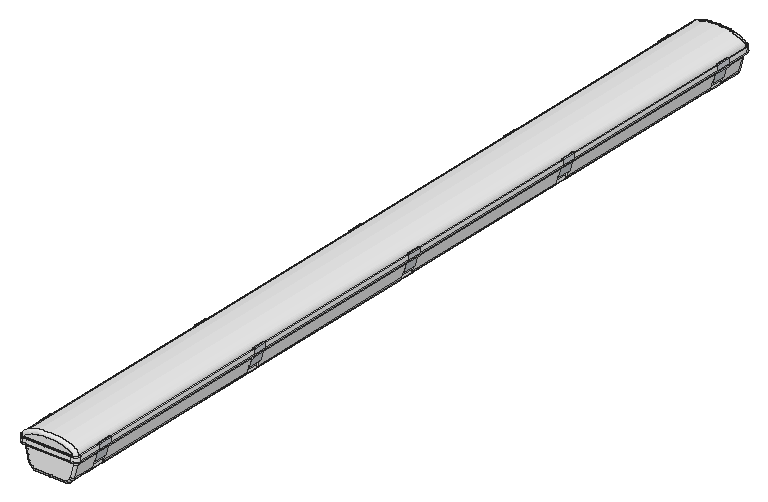
Revit family "0049133_t1500", category Lighting Fixtures, host Face, Revit 2017
Family settings
  Host = Face
  Round Connector Dimension = Use Diameter
  Part Type = Normal
  OmniClass Number = 23.80.70.11.14
  OmniClass Title = General Luminaries, Directional
  Cut with Voids When Loaded = Yes
  Light Source = Yes
  Shared = No
  Room Calculation Point = No
Parameters (values of type "0049133 ST WTRPRF T 1500 IP65 7100LM 840 SSH")
  Width = 110 mm
  Weight = "2.52 kg"
  Wattage Comments = "n/a"
  Wattage = 60 W
  WarrantyStartDate [instance] = "n/a"
  WarrantyGuarantorParts = "n/a"
  WarrantyDurationUnit = "n/a"
  WarrantyDurationParts = "n/a"
  WarrantyDescription = "n/a"
  built-in parameter 1150110 = 1 (stored number, unit not read)
  Voltage = 0 V
  URL = "http://www.sylvania-lighting.com"
  TypeName = "START Waterproof Twin 1500 IP65 7100lm 840 SSH"
  Type Image = <None>
  Type Comments = "n/a"
  built-in parameter 1114217 = 1 (stored number, unit not read)
  Tilt Angle = -90.00°
  built-in parameter 1150109 = 1 (stored number, unit not read)
  built-in parameter 1150134 = 12
  built-in parameter 1150113 = 1 (stored number, unit not read)
  SerialNumber [instance] = "n/a"
  ReflectorMaterial = none
  PowerFactor = 0
  PowerConsumption = "60 W"
  Photometric Web File = "0049133.ies"
  NominalWidth = 0 mm
  NominalLength = 1578 mm
  NominalHeight = 78 mm
  Name = "START Waterproof Twin 1500 IP65 7100lm 840 SSH"
  ModelReference = "START Waterproof Twin 1500 IP65 7100lm 840 SSH"
  ModelNumber = "0049133"
  Model = "START Waterproof Twin 1500 IP65 7100lm 840 SSH"
  Material = "pc polycarbonate housing, pc polycarbonate diffuser"
  ManufacturerName = "Feilo Sylvania"
  Manufacturer = "Feilo Sylvania"
  LuminousEfficacy = "115 lm/W"
  built-in parameter 1150105 = 549.08 (stored number, unit not read)
  Lumens = 6900 lm
  LuminaireType = ""
  built-in parameter 1150115 = 1 (stored number, unit not read)
  LightOutputRatio = "n/a"
  built-in parameter 1150137 = (empty or 0)
  built-in parameter 1150139 = (empty or 0)
  Length = 1572 mm
  LampsType = Lamp  # "LED"
  LampNominalLuminous = "7050 lm"
  LampMacAdamStep = "n/a"
  LampColourTemperature = "4000 K"
  LampColourRenderingIndex = "80"
  built-in parameter 1150112 = 1 (stored number, unit not read)
  built-in parameter 1150114 = 1 (stored number, unit not read)
  Lamp = "LED"
  Keynote = "16500"
  InstallationDate [instance] = "n/a"
  InputVoltage = "n/a"
  InputNominalFrequency = "n/a"
  built-in parameter 1150132 = (empty or 0)
  built-in parameter 1150102 = (empty or 0)
  built-in parameter 1150107 = 4000 (stored number, unit not read)
  built-in parameter 1150138 = (empty or 0)
  IngressProtection = "IP65"
  ImpactProtectionIndex = "IK08"
  built-in parameter 1150106 = 5.4908 (stored number, unit not read)
  IfcExportType = "IfcLightFixtureType"
  IfcExportAs = "IfcLightFixtureType"
  ExpectedLife = 50000
  Emit from Rectangle Width = Width - 20 mm  # 90 mm
  Emit from Rectangle Length = Length - 20 mm  # 1552 mm
  Emit Shape Visible in Rendering = no
  ElectricShockClassification = "Class I"
  built-in parameter 1150104 = 10.684 (stored number, unit not read)
  DurationUnit = "hours"
  DocumentationLiterature = "http://www.sylvania-lighting.com/product/en-int/products/0049133"
  DimmingControlOptions = "n/a"
  Dimming Lamp Color Temperature Shift = <None>
  DiffuserMaterial = Diffuser-Sylvania-Transparent
  Description = "Start Waterproof, integrated LED weatherproof luminaire, with UV stabilized flat diffuser and linear prisms designed to achieve uniform lit appearance, optimise light output and to reduce glare, stainless steel diffuser clips and fixing brackets for surface mounting. Polycarbonate housing, Polycarbonate diffuser, 7050 lm, 60 W, 115 lm/W, 4000 K, drive current 700 mA, SSH,  CRI80, IP65, IK08, Class I,  nominal average life (h): 50,000 hrs, 1578 mm x 110 mm x 78 mm, energy class: A++ A+ A, D-mark"
  Default Elevation = 1219.2 mm
  CreatedOn = "7/11/2019"
  CreatedBy = "@sylvania-lighting.com"
  Cost = 0
  Color Filter = 16777215
  built-in parameter 1114216 [instance] = (empty or 0)
  ClassificationValue = "EF_70_80"
  ClassificationName = "Uniclass2015"
  BodyMaterial = Body-Sylvania-Gray
  BarCode [instance] = "n/a"
  built-in parameter 1114218 = 1 (stored number, unit not read)
  built-in parameter 1150133 = 10 (stored number, unit not read)
  AssetType = "Fixed"
  AssetIdentifier [instance] = "n/a"
  Assembly Code = "D5020200"
  Apparent Load = 60 VA
  AccessoryMaterial = Diffuser-Sylvania-Glow
Reference planes
  plane 1 "Center (Front/Back)": y = 0
  plane 2: z = 0
  plane 3 "Center (Left/Right)": x = 0
  plane 4: z = 54
  plane 5: x = -27.7
  plane 6: x = -34.8
  plane 7: x = -39.6
  plane 8: x = -42.2
  plane 9: z = 3
  plane 10: z = 7.8
  plane 11: z = 12.3
  plane 12: z = 36.6
  plane 13: z = 42.8
  plane 14: x = -51.1
  plane 15: z = 46.2
  plane 16: x = -55
  plane 17: y = 786
  plane 18: y = -786
  plane 19: x = 27.7
  plane 20: x = 34.8
  plane 21: x = 39.6
  plane 22: x = 42.2
  plane 23: x = 51.1
  plane 24: x = 55
  plane 25: y = 778.4
  plane 26: y = -778.4
  plane 27: y = -774.7
  plane 28: y = 774.7
  plane 29: z = 74
  plane 30: x = -51.5
  plane 31: x = 51.5
  plane 32: z = 55.2
  plane 33: y = -782.5
  plane 34: y = 782.5
  plane 35: x = -37.5
  plane 36: x = 37.5
  plane 37: x = -48.7
  plane 38: x = 48.7
  plane 39: x = 18
  plane 40: x = -18
  plane 41: z = 50.2
  plane 42: z = 24.6
  plane 43: y = 720
  plane 44: y = 706
  plane 45: y = 734
  plane 46: y = -720
  plane 47: y = 720
  plane 48: y = 706
  plane 49: y = 734
  plane 50: y = -720
  plane 51: y = -734
  plane 52: y = -706
  plane 53: y = 360
  plane 54: y = 346
  plane 55: y = 374
  plane 56: y = 0
  plane 57: y = -14
  plane 58: y = 14
  plane 59: y = -360
  plane 60: y = -374
  plane 61: y = -346
Forms (mm)
  Sweep 1, solid, material "Body-Sylvania-Gray" <- "BodyMaterial", detail levels medium+fine
    path origin (1223.4, -4572, 54) x (0, -1, 0) y (1, 0, 0)
      loop
        arc (-3796, -1278.4) -> (-3788.929, -1275.471) -> (-3786, -1268.4) r 10
        line (-3786, -1268.4) -> (-3786, -1178.4)
        arc (-3786, -1178.4) -> (-3788.929, -1171.329) -> (-3796, -1168.4) r 10
        line (-3796, -1168.4) -> (-5348, -1168.4)
        arc (-5348, -1168.4) -> (-5355.071, -1171.329) -> (-5358, -1178.4) r 10
        line (-5358, -1178.4) -> (-5358, -1268.4)
        arc (-5358, -1268.4) -> (-5355.071, -1275.471) -> (-5348, -1278.4) r 10
        line (-5348, -1278.4) -> (-3796, -1278.4)
    profile origin (-55, 0, 54) x (-1, 0, 0) y (0, 0, 1)
      loop
        line (0, 0) -> (-1, 0) -> (-1, -7.726)
        arc (-1, -7.726) -> (-1.994, -9.498) -> (-3.9, -10.2) r 2.937
        line (-3.9, -10.2) -> (-8.571, -10.2) -> (-8.571, -11.2) -> (-3.9, -11.2)
        arc (-3.9, -11.2) -> (-1.313, -10.231) -> (0, -7.8) r 3.937
        line (0, -7.8) -> (0, 0)
  Sweep 2, solid, material "Body-Sylvania-Gray" <- "BodyMaterial", detail levels medium+fine
    path origin (0, 0, 0) x (1, 0, 0) y (0, 0, 1)
      loop
        line (48.7, 42.8) -> (48.7, 36.6) -> (42.203, 12.31)
        arc (42.203, 12.31) -> (41.199, 9.884) -> (39.6, 7.8) r 10.052
        line (39.6, 7.8) -> (34.8, 3)
        arc (34.8, 3) -> (31.554, 0.781) -> (27.7, 0) r 9.902
        line (27.7, 0) -> (0, 0) -> (-27.7, 0)
        arc (-27.7, 0) -> (-31.554, 0.781) -> (-34.8, 3) r 9.902
        line (-34.8, 3) -> (-39.6, 7.8)
        arc (-39.6, 7.8) -> (-41.199, 9.884) -> (-42.203, 12.31) r 10.052
        line (-42.203, 12.31) -> (-48.7, 36.6) -> (-48.7, 42.8)
    profile origin (0, 0, 0) x (0, 0, -1) y (0, -1, 0)
      loop
        arc (0, 773.4) -> (-1.464, 776.936) -> (-5, 778.4) r 5
        line (-5, 778.4) -> (-7.8, 778.4) -> (-7.8, -778.4) -> (-5, -778.4)
        arc (-5, -778.4) -> (-1.464, -776.936) -> (0, -773.4) r 5
        line (0, -773.4) -> (0, 773.4)
  Extrusion 3, solid, material "Body-Sylvania-Gray" <- "BodyMaterial", detail levels medium+fine
    sketch origin (1524, 778.4, 1219.2) x (1, 0, 0) y (0, 0, 1)
      loop
        arc (-1558.668, -1204.874) -> (-1558.443, -1205.418) -> (-1558.085, -1205.885) r 2.252
        line (-1558.085, -1205.885) -> (-1553.231, -1210.738)
        arc (-1553.231, -1210.738) -> (-1552.534, -1211.227) -> (-1551.7, -1211.4) r 2.102
        line (-1551.7, -1211.4) -> (-1496.3, -1211.4)
        arc (-1496.3, -1211.4) -> (-1495.466, -1211.227) -> (-1494.769, -1210.738) r 2.102
        line (-1494.769, -1210.738) -> (-1489.915, -1205.885)
        arc (-1489.915, -1205.885) -> (-1489.557, -1205.418) -> (-1489.332, -1204.874) r 2.252
        line (-1489.332, -1204.874) -> (-1483.1, -1181.575) -> (-1483.1, -1176.4) -> (-1564.9, -1176.4) -> (-1564.9, -1181.575) -> (-1558.668, -1204.874)
    from 0 to 1556.8
  Sweep 4, solid, material "Diffuser-Sylvania-Transparent" <- "DiffuserMaterial", detail levels medium+fine
    path origin (0, 0, 0) x (1, 0, 0) y (0, 0, 1)
      loop
        spline (-51.5, 55.2) -> (-49.745, 60.066) -> (-44.6, 64.6) -> (-36.416, 68.494) -> (-25.75, 71.481) -> (-13.329, 73.359) -> (0, 74) -> (13.329, 73.359) -> (25.75, 71.481) -> (36.416, 68.494) -> (44.6, 64.6) -> (49.745, 60.066) -> (51.5, 55.2)
    profile origin (51.5, 0, 55.2) x (0, -1, 0) y (1, 0, 0)
      loop
        arc (782.5, -5.5) -> (780.889, -1.611) -> (777, 0) r 5.5
        line (777, 0) -> (-777, 0)
        arc (-777, 0) -> (-780.889, -1.611) -> (-782.5, -5.5) r 5.5
        line (-782.5, -5.5) -> (-782.5, -6.3) -> (-781.5, -6.3) -> (-781.5, -5.5)
        arc (-781.5, -5.5) -> (-780.182, -2.318) -> (-777, -1) r 4.5
        line (-777, -1) -> (777, -1)
        arc (777, -1) -> (780.182, -2.318) -> (781.5, -5.5) r 4.5
        line (781.5, -5.5) -> (781.5, -6.347) -> (782.5, -6.347) -> (782.5, -5.5)
  Extrusion 5, solid, material "Diffuser-Sylvania-Transparent" <- "DiffuserMaterial", detail levels medium+fine
    sketch origin (1524, -782.5, 1219.2) x (1, 0, 0) y (0, 0, 1)
      loop
        line (-1569.653, -1164) -> (-1478.347, -1164)
        spline (-1478.347, -1164) -> (-1478.969, -1162.594) -> (-1482.527, -1159.545) -> (-1489.588, -1156.201) -> (-1499.458, -1153.445) -> (-1511.242, -1151.663) -> (-1524, -1151.049) -> (-1536.758, -1151.663) -> (-1548.542, -1153.445) -> (-1558.412, -1156.201) -> (-1565.473, -1159.545) -> (-1569.031, -1162.594) -> (-1569.653, -1164)
    from 0 to -1
  Extrusion 6, solid, material "Diffuser-Sylvania-Transparent" <- "DiffuserMaterial", detail levels medium+fine
    sketch origin (1524, 782.5, 1219.2) x (1, 0, 0) y (0, 0, 1)
      loop
        spline (-1478.3, -1164) -> (-1478.931, -1162.565) -> (-1482.502, -1159.505) -> (-1489.572, -1156.155) -> (-1499.446, -1153.394) -> (-1511.236, -1151.614) -> (-1524, -1151.007) -> (-1536.764, -1151.614) -> (-1548.554, -1153.394) -> (-1558.428, -1156.155) -> (-1565.498, -1159.505) -> (-1569.069, -1162.565) -> (-1569.7, -1164)
        line (-1569.7, -1164) -> (-1478.3, -1164)
    from 0 to 1
  Extrusion 7, solid, material "Diffuser-Sylvania-Transparent" <- "DiffuserMaterial", detail levels medium+fine
    sketch origin (1223.4, -4572, 55.2) x (0, -1, 0) y (-1, 0, 0)
      loop
        arc (-5353.5, 1177.4) -> (-5352.182, 1174.218) -> (-5349, 1172.9) r 4.5
        line (-5349, 1172.9) -> (-3795, 1172.9)
        arc (-3795, 1172.9) -> (-3791.818, 1174.218) -> (-3790.5, 1177.4) r 4.5
        line (-3790.5, 1177.4) -> (-3790.5, 1269.4)
        arc (-3790.5, 1269.4) -> (-3791.818, 1272.582) -> (-3795, 1273.9) r 4.5
        line (-3795, 1273.9) -> (-5349, 1273.9)
        arc (-5349, 1273.9) -> (-5352.182, 1272.582) -> (-5353.5, 1269.4) r 4.5
        line (-5353.5, 1269.4) -> (-5353.5, 1177.4)
      loop
        line (-5358, 1268.4) -> (-5358, 1178.4)
        arc (-5358, 1178.4) -> (-5355.071, 1171.329) -> (-5348, 1168.4) r 10
        line (-5348, 1168.4) -> (-3796, 1168.4)
        arc (-3796, 1168.4) -> (-3788.929, 1171.329) -> (-3786, 1178.4) r 10
        line (-3786, 1178.4) -> (-3786, 1268.4)
        arc (-3786, 1268.4) -> (-3788.929, 1275.471) -> (-3796, 1278.4) r 10
        line (-3796, 1278.4) -> (-5348, 1278.4)
        arc (-5348, 1278.4) -> (-5355.071, 1275.471) -> (-5358, 1268.4) r 10
    from 0 to 1.2
  Extrusion 8, solid, material "Diffuser-Sylvania-Glow" <- "AccessoryMaterial", detail levels fine
    sketch origin (0, 0, 0) x (1, 0, 0) y (0, 0, 1)
      loop
        circle (-18, 50.2) r 8
      loop
        circle (18, 50.2) r 8
    from -774.7 to 774.7
  Extrusion 9, void
    sketch origin (0, 720, 2343.807) x (0, 0, -1) y (-1, 0, 0)
      loop
        line (2340.807, -37.5) -> (2331.507, -37.5) -> (2319.207, -42.2) -> (2319.207, -48.7) -> (2340.807, -48.7) -> (2340.807, -37.5)
      loop
        line (2340.807, 37.5) -> (2340.807, 48.7) -> (2319.207, 48.7) -> (2319.207, 42.2) -> (2331.507, 37.5) -> (2340.807, 37.5)
    from -14 to 14
  Extrusion 10, solid, material "Body-Sylvania-Gray" <- "BodyMaterial", detail levels coarse
    sketch origin (0, 0, 0) x (1, 0, 0) y (0, 0, 1)
      loop
        line (55, 42.8) -> (55, 55.2) -> (-55, 55.2) -> (-55, 42.791) -> (-42.2, 0) -> (42.2, 0) -> (55, 42.8)
    from -786 to 786
  Extrusion 11, solid, material "Diffuser-Sylvania-Transparent" <- "DiffuserMaterial", detail levels coarse
    sketch origin (0, 0, 0) x (1, 0, 0) y (0, 0, 1)
      loop
        arc (51.5, 55.2) -> (0, 74) -> (-51.5, 55.2) r 79.939
        line (-51.5, 55.2) -> (51.5, 55.2)
    from 778.4 to -778.4
  Extrusion 12, void, not visible
    sketch origin (0, 720, 2343.807) x (0, 0, -1) y (-1, 0, 0)
      loop
        line (2340.807, -37.5) -> (2331.507, -37.5) -> (2319.207, -42.2) -> (2319.207, -48.7) -> (2340.807, -48.7) -> (2340.807, -37.5)
      loop
        line (2340.807, 37.5) -> (2340.807, 48.7) -> (2319.207, 48.7) -> (2319.207, 42.2) -> (2331.507, 37.5) -> (2340.807, 37.5)
    from -14 to 14
  Extrusion 13, void
    sketch origin (0, -720, 2343.807) x (0, 0, -1) y (-1, 0, 0)
      loop
        line (2340.807, -37.5) -> (2331.507, -37.5) -> (2319.207, -42.2) -> (2319.207, -48.7) -> (2340.807, -48.7) -> (2340.807, -37.5)
      loop
        line (2340.807, 37.5) -> (2340.807, 48.7) -> (2319.207, 48.7) -> (2319.207, 42.2) -> (2331.507, 37.5) -> (2340.807, 37.5)
    from -14 to 14
  Extrusion 14, void
    sketch origin (0, 360, 2343.807) x (0, 0, -1) y (-1, 0, 0)
      loop
        line (2340.807, -37.5) -> (2331.507, -37.5) -> (2319.207, -42.2) -> (2319.207, -48.7) -> (2340.807, -48.7) -> (2340.807, -37.5)
      loop
        line (2340.807, 37.5) -> (2340.807, 48.7) -> (2319.207, 48.7) -> (2319.207, 42.2) -> (2331.507, 37.5) -> (2340.807, 37.5)
    from -14 to 14
  Extrusion 15, void
    sketch origin (0, 0, 2343.807) x (0, 0, -1) y (-1, 0, 0)
      loop
        line (2340.807, -37.5) -> (2331.507, -37.5) -> (2319.207, -42.2) -> (2319.207, -48.7) -> (2340.807, -48.7) -> (2340.807, -37.5)
      loop
        line (2340.807, 37.5) -> (2340.807, 48.7) -> (2319.207, 48.7) -> (2319.207, 42.2) -> (2331.507, 37.5) -> (2340.807, 37.5)
    from -14 to 14
  Extrusion 16, void
    sketch origin (0, -360, 2343.807) x (0, 0, -1) y (-1, 0, 0)
      loop
        line (2340.807, -37.5) -> (2331.507, -37.5) -> (2319.207, -42.2) -> (2319.207, -48.7) -> (2340.807, -48.7) -> (2340.807, -37.5)
      loop
        line (2340.807, 37.5) -> (2340.807, 48.7) -> (2319.207, 48.7) -> (2319.207, 42.2) -> (2331.507, 37.5) -> (2340.807, 37.5)
    from -14 to 14
Cuts and joins
  Extrusion 9, Extrusion 13, Extrusion 14, Extrusion 15, Extrusion 16 cuts Sweep 2
  Extrusion 13, Extrusion 14, Extrusion 15, Extrusion 16 cuts Extrusion 3
  joined: Sweep 2, Extrusion 3
  joined: Sweep 4, Extrusion 5, Extrusion 6
Dimensions and locks
  locked: plane 4 to plane 2 at 54
  plane 5 to plane 6 to plane 7 to plane 8 to plane 14 to plane 16 = 7.1 mm locked, 4.8 mm locked, 2.6 mm locked, 8.9 mm, 3.9 mm
  plane 4 to plane 15 to plane 13 to plane 12 to plane 11 to plane 10 to plane 9 = 7.8 mm locked, 3.4 mm, 6.2 mm locked, 24.3 mm locked, 4.5 mm locked, 4.8 mm locked
  equal spacing: plane 18, plane 1 "Center (Front/Back)", plane 17
  "Length": plane 18 to plane 17
  plane 19 to plane 20 to plane 21 to plane 22 to plane 23 to plane 24 = 7.1 mm locked, 4.8 mm locked, 2.6 mm locked, 8.9 mm, 3.9 mm
  equal spacing: plane 24, plane 3 "Center (Left/Right)", plane 16
  "Width": plane 24 to plane 16
  equal spacing: plane 27, plane 1 "Center (Front/Back)", plane 28
  locked: plane 26 to plane 27 at 3.7
  locked: Sweep 1 sketch curve to profile plane at 1
  locked: Sweep 1 sketch curve to plane 13 at 1
  locked: Sweep 1 sketch curve to plane 13 at 3.937  (x2)
  locked: Sweep 1 sketch curve to profile plane at 3.9  (x2)
  locked: plane 29 to plane 4 at 20
  equal spacing: plane 31, plane 3 "Center (Left/Right)", plane 30
  locked: plane 30 to plane 16 at 3.5
  locked: plane 32 to plane 4 at 1.2
  equal spacing: plane 33, plane 1 "Center (Front/Back)", plane 34
  equal spacing: plane 36, plane 3 "Center (Left/Right)", plane 35
  locked: plane 3 "Center (Left/Right)" to plane 35 at 37.5
  locked: plane 34 to plane 17 at 3.5
  equal spacing: plane 38, plane 3 "Center (Left/Right)", plane 37
  locked: plane 37 to plane 16 at 6.3
  equal spacing: plane 25, plane 1 "Center (Front/Back)", plane 26
  locked: plane 17 to plane 25 at 7.6
  locked: Sweep 2 sketch curve to plane 2 at 5  (x2)
  locked: Sweep 2 sketch curve to plane 26 at 5
  locked: plane 25 to Sweep 2 sketch curve at 5
  locked: Sweep 4 sketch curve to plane 31 at 5.5  (x2)
  locked: Sweep 4 sketch curve to plane 34 at 5.5
  plane 33 to Sweep 4 sketch curve = 5.5 mm
  locked: plane 34 to Sweep 4 sketch curve at 1
  locked: Sweep 4 sketch curve to plane 31 at 1
  locked: Sweep 4 sketch curve to Sweep 4 sketch curve at 1
  locked: Sweep 4 sketch curve to plane 31 at 6.347
  locked: Sweep 4 sketch curve to plane 31 at 6.3
  equal spacing: plane 39, plane 3 "Center (Left/Right)", plane 40
  locked: plane 3 "Center (Left/Right)" to plane 40 at 18
  locked: plane 42 to plane 2 at 24.6
  plane 45 to plane 43 to plane 44 = 14 mm locked, 14 mm locked
  locked: plane 17 to plane 43 at 66
  equal spacing: plane 43, plane 1 "Center (Front/Back)", plane 46
  plane 49 to plane 47 to plane 48 = 14 mm locked, 14 mm locked
  plane 52 to plane 50 to plane 51 = 14 mm locked, 14 mm locked  (x2)
  equal spacing: group 1, group 6, group 7, group 8, group 5  (x2)
  equal spacing: group 5, group 8, group 7, group 6, group 1
  plane 55 to plane 53 to plane 54 = 14 mm locked, 14 mm locked  (x2)
  plane 58 to plane 56 to plane 57 = 14 mm locked, 14 mm locked  (x2)
  plane 61 to plane 59 to plane 60 = 14 mm locked, 14 mm locked  (x2)
  plane 43 to plane 53 to plane 1 "Center (Front/Back)" to plane 59 to plane 50 = 360 mm locked, 360 mm locked, 360 mm locked, 360 mm locked
  aligned and locked: plane 2 to host face
  aligned and locked: level to host face
  aligned and locked: plane 16 to Sweep 1 sketch curve
  aligned and locked: Sweep 1 sketch curve to plane 24
  aligned and locked: plane 18 to Sweep 1 sketch curve
  aligned and locked: Sweep 1 sketch curve to plane 13
  aligned and locked: profile plane to Sweep 1 sketch curve
  aligned and locked: plane 3 "Center (Left/Right)" to Sweep 2 sketch curve
  aligned and locked: plane 9 to Sweep 2 sketch curve
  aligned and locked: plane 10 to Sweep 2 sketch curve
  aligned and locked: plane 37 to Sweep 2 sketch curve
  aligned and locked: plane 12 to Sweep 2 sketch curve
  aligned and locked: Sweep 2 sketch curve to level
  aligned and locked: plane 21 to Sweep 2 sketch curve
  aligned and locked: plane 38 to Sweep 2 sketch curve
  aligned and locked: profile plane to Sweep 2 sketch curve
  aligned and locked: plane 25 to Sweep 2 sketch curve
  aligned and locked: Sweep 2 sketch curve to plane 10
  aligned and locked: Extrusion 3 sketch curve to Sweep 2  (x7)
  aligned and locked: Sweep 2 to Extrusion 3 sketch curve
  aligned and locked: Extrusion 3 to plane 25
  aligned and locked: plane 26 to Extrusion 3
  aligned and locked: plane 32 to Sweep 4 sketch curve
  aligned and locked: plane 33 to Sweep 4 sketch curve
  aligned and locked: Sweep 4 to Extrusion 5
  aligned and locked: plane 33 to Extrusion 5
  aligned and locked: Extrusion 5 sketch curve to Sweep 4
  aligned and locked: cut or joined group of Sweep 4, Extrusion 5, Extrusion 6 to Extrusion 6 sketch curve
  aligned and locked: Extrusion 7 sketch curve to cut or joined group of Sweep 4, Extrusion 5, Extrusion 6  (x2)
  aligned and locked: cut or joined group of Sweep 4, Extrusion 5, Extrusion 6 to Extrusion 7 sketch curve  (x2)
  aligned and locked: plane 41 to Extrusion 8 sketch curve  (x2)
  aligned and locked: plane 39 to Extrusion 8 sketch curve
  aligned and locked: plane 27 to Extrusion 8
  aligned and locked: Extrusion 8 to plane 28
  aligned and locked: Extrusion 9 to plane 42
  aligned and locked: plane 9 to Extrusion 9
  aligned and locked: plane 44 to Extrusion 9
  aligned and locked: Extrusion 9 to plane 45
  aligned and locked: Extrusion 7 sketch curve to Sweep 1  (x4)
  aligned and locked: plane 4 to Extrusion 7
  aligned and locked: Extrusion 7 to plane 32
  aligned and locked: nested 2 to plane 43
  aligned and locked: plane 43 to nested 1
  aligned and locked: Extrusion 10 sketch curve to plane 24
  aligned and locked: Extrusion 10 sketch curve to Extrusion 7
  aligned and locked: plane 8 to Extrusion 10 sketch curve
  aligned and locked: plane 22 to Extrusion 10 sketch curve
  aligned and locked: level to Extrusion 10 sketch curve
  aligned and locked: Extrusion 10 to plane 17
  aligned and locked: plane 18 to Extrusion 10
  aligned and locked: cut or joined group of Sweep 4, Extrusion 5, Extrusion 6 to Extrusion 11 sketch curve
  aligned and locked: Extrusion 11 sketch curve to cut or joined group of Sweep 4, Extrusion 5, Extrusion 6  (x2)
  aligned and locked: plane 31 to Extrusion 11 sketch curve
  aligned and locked: plane 30 to Extrusion 11 sketch curve
  aligned and locked: plane 26 to Extrusion 11
  aligned and locked: Extrusion 11 to plane 25
  aligned and locked: imposter light to plane 29
  aligned and locked: plane 3 "Center (Left/Right)" to imposter light
  aligned and locked: plane 1 "Center (Front/Back)" to imposter light
  aligned and locked: plane 51 to Extrusion 13
  aligned and locked: Extrusion 13 to plane 52
  aligned and locked: plane 54 to Extrusion 14
  aligned and locked: Extrusion 14 to plane 55
  aligned and locked: plane 57 to Extrusion 15
  aligned and locked: Extrusion 15 to plane 58
  aligned and locked: plane 60 to Extrusion 16
  aligned and locked: Extrusion 16 to plane 61
  aligned and locked: nested 3 to plane 53
  aligned and locked: plane 53 to nested 10
  aligned and locked: nested 4 to plane 56
  aligned and locked: plane 56 to nested 9
  aligned and locked: nested 5 to plane 59
  aligned and locked: plane 59 to nested 8
  aligned and locked: nested 6 to plane 50
  aligned and locked: plane 50 to nested 7
Automatic sketch dimensions
  host sketch curve to host sketch curve = 2438.4 mm  (x2)
  plane 17 to Sweep 1 sketch curve = 0 mm
  Sweep 1 sketch curve to plane 28 = 1.3 mm
  Sweep 1 sketch curve to plane 7 = 5.4 mm
  plane 27 to Sweep 1 sketch curve = 1.3 mm  (x2)
  Sweep 1 sketch curve to Sweep 1 sketch curve = 4.671 mm
  Sweep 1 sketch curve to plane 4 = 0 mm
  Sweep 2 sketch curve to plane 7 = 0 mm
  Sweep 2 sketch curve to plane 6 = 0 mm
  Sweep 2 sketch curve to plane 5 = 0 mm
  plane 19 to Sweep 2 sketch curve = 0 mm
  Sweep 2 sketch curve to plane 9 = 0 mm
  plane 20 to Sweep 2 sketch curve = 0 mm
  Sweep 2 sketch curve to plane 12 = 0 mm
  Sweep 2 sketch curve to plane 10 = 0 mm
  Sweep 2 sketch curve to plane 13 = 0 mm  (x2)
  Sweep 2 sketch curve to plane 8 = 0.003 mm
  plane 6 to Sweep 2 sketch curve = 2.308 mm
  plane 20 to Sweep 2 sketch curve = 2.308 mm
  Sweep 2 sketch curve to plane 22 = 0.003 mm
  Sweep 2 sketch curve to plane 11 = 0.01 mm  (x2)
  Extrusion 3 sketch curve to plane 5 = 0 mm
  plane 19 to Extrusion 3 sketch curve = 0 mm
  plane 6 to Extrusion 3 sketch curve = 0.132 mm
  plane 6 to Extrusion 3 sketch curve = 0.715 mm
  Extrusion 3 sketch curve to Extrusion 3 sketch curve = 1.592 mm
  Extrusion 3 sketch curve to plane 10 = 0.662 mm  (x2)
  plane 20 to Extrusion 3 sketch curve = 2.308 mm
  plane 20 to Extrusion 3 sketch curve = 0.715 mm
  plane 20 to Extrusion 3 sketch curve = 0.132 mm
  Sweep 4 sketch curve to plane 30 = 0 mm
  Sweep 4 sketch curve to plane 3 "Center (Left/Right)" = 0 mm
  Sweep 4 sketch curve to Sweep 4 sketch curve = 0 mm  (x2)
  plane 37 to Extrusion 5 sketch curve = 3.047 mm
  Extrusion 5 sketch curve to plane 38 = 3.047 mm
  plane 37 to Extrusion 6 sketch curve = 3 mm
  Extrusion 6 sketch curve to plane 38 = 3 mm
  plane 25 to Extrusion 7 sketch curve = 1.4 mm  (x2)
  Extrusion 7 sketch curve to plane 26 = 1.4 mm  (x2)
  Extrusion 8 sketch curve to plane 40 = 0 mm
  Extrusion 9 sketch curve to Extrusion 9 sketch curve = 0 mm
  Extrusion 9 sketch curve to Extrusion 9 sketch curve = 12.3 mm  (x2)
  Extrusion 9 sketch curve to Extrusion 9 sketch curve = 9.3 mm  (x2)
  Extrusion 9 sketch curve to Extrusion 9 sketch curve = 6.5 mm
  Extrusion 9 sketch curve to Extrusion 9 sketch curve = 4.7 mm  (x2)
  Extrusion 9 sketch curve to Extrusion 9 sketch curve = 75 mm
  Extrusion 9 sketch curve to Extrusion 9 sketch curve = 11.2 mm
  Extrusion 10 sketch curve to plane 13 = 0 mm
  plane 13 to Extrusion 10 sketch curve = 0.009 mm
  Extrusion 11 sketch curve to level = 5.939 mm
  Extrusion 10 sketch curve to plane 16 = 0 mm
  Extrusion 12 sketch curve to Extrusion 12 sketch curve = 0 mm
  Extrusion 12 sketch curve to Extrusion 12 sketch curve = 12.3 mm  (x2)
  Extrusion 12 sketch curve to Extrusion 12 sketch curve = 9.3 mm  (x2)
  Extrusion 12 sketch curve to Extrusion 12 sketch curve = 6.5 mm
  Extrusion 12 sketch curve to Extrusion 12 sketch curve = 4.7 mm  (x2)
  Extrusion 12 sketch curve to Extrusion 12 sketch curve = 75 mm
  Extrusion 12 sketch curve to Extrusion 12 sketch curve = 11.2 mm
  Extrusion 13 sketch curve to Extrusion 13 sketch curve = 0 mm
  Extrusion 13 sketch curve to Extrusion 13 sketch curve = 12.3 mm  (x2)
  Extrusion 13 sketch curve to Extrusion 13 sketch curve = 9.3 mm  (x2)
  Extrusion 13 sketch curve to Extrusion 13 sketch curve = 6.5 mm
  Extrusion 13 sketch curve to Extrusion 13 sketch curve = 4.7 mm  (x2)
  Extrusion 13 sketch curve to Extrusion 13 sketch curve = 75 mm
  Extrusion 13 sketch curve to Extrusion 13 sketch curve = 11.2 mm
  Extrusion 14 sketch curve to Extrusion 14 sketch curve = 0 mm
  Extrusion 14 sketch curve to Extrusion 14 sketch curve = 12.3 mm  (x2)
  Extrusion 14 sketch curve to Extrusion 14 sketch curve = 9.3 mm  (x2)
  Extrusion 14 sketch curve to Extrusion 14 sketch curve = 6.5 mm
  Extrusion 14 sketch curve to Extrusion 14 sketch curve = 4.7 mm  (x2)
  Extrusion 14 sketch curve to Extrusion 14 sketch curve = 75 mm
  Extrusion 14 sketch curve to Extrusion 14 sketch curve = 11.2 mm
  Extrusion 15 sketch curve to Extrusion 15 sketch curve = 0 mm
  Extrusion 15 sketch curve to Extrusion 15 sketch curve = 12.3 mm  (x2)
  Extrusion 15 sketch curve to Extrusion 15 sketch curve = 9.3 mm  (x2)
  Extrusion 15 sketch curve to Extrusion 15 sketch curve = 6.5 mm
  Extrusion 15 sketch curve to Extrusion 15 sketch curve = 4.7 mm  (x2)
  Extrusion 15 sketch curve to Extrusion 15 sketch curve = 75 mm
  Extrusion 15 sketch curve to Extrusion 15 sketch curve = 11.2 mm
  Extrusion 16 sketch curve to Extrusion 16 sketch curve = 0 mm
  Extrusion 16 sketch curve to Extrusion 16 sketch curve = 12.3 mm  (x2)
  Extrusion 16 sketch curve to Extrusion 16 sketch curve = 9.3 mm  (x2)
  Extrusion 16 sketch curve to Extrusion 16 sketch curve = 6.5 mm
  Extrusion 16 sketch curve to Extrusion 16 sketch curve = 4.7 mm  (x2)
  Extrusion 16 sketch curve to Extrusion 16 sketch curve = 75 mm
  Extrusion 16 sketch curve to Extrusion 16 sketch curve = 11.2 mm
  radius of Extrusion 8 sketch curve = 8 mm  (x2)
Nested families
  nested 1: "Clip" at (42.2, 720, 24.6), type "Clip", detail levels fine
  nested 2: "Clip" at (-42.2, 720, 24.6) x (-1, 0, 0) z (0, 0, 1), type "Clip", detail levels fine
  nested 3: "Clip" at (-42.2, 360, 24.6) x (-1, 0, 0) z (0, 0, 1), type "Clip", detail levels fine
  nested 4: "Clip" at (-42.2, 0, 24.6) x (-1, 0, 0) z (0, 0, 1), type "Clip", detail levels fine
  nested 5: "Clip" at (-42.2, -360, 24.6) x (-1, 0, 0) z (0, 0, 1), type "Clip", detail levels fine
  nested 6: "Clip" at (-42.2, -720, 24.6) x (-1, 0, 0) z (0, 0, 1), type "Clip", detail levels fine
  nested 7: "Clip" at (42.2, -720, 24.6), type "Clip", detail levels fine
  nested 8: "Clip" at (42.2, -360, 24.6), type "Clip", detail levels fine
  nested 9: "Clip" at (42.2, 0, 24.6), type "Clip", detail levels fine
  nested 10: "Clip" at (42.2, 360, 24.6), type "Clip", detail levels fine
Connectors
  electrical at (0, 0, 0), driven by "Apparent Load"
    settings: index 1, voltage 230 V, apparent load 60 VA, apparent load phase1 0 VA, apparent load phase2 0 VA, apparent load phase3 0 VA, power factor 0, load classification "Lighting", number of poles 1, system type 30, power factor state 1, is connector primary yes, connector utility no, sub classification motor no, connector description ""
Definition of nested family "Clip"
  Parameters (values of type "Clip")
    URL = "http://www.feilosylvania.com"
    Type Comments = "n/a"
    Model = "n/a"
    Manufacturer = "Feilo Sylvania"
    Keynote = "n/a"
    Description = "n/a"
    Default Elevation = 1219.2 mm
    Cost = 0
    BodyMaterial = none
    Assembly Code = "n/a"
  Reference planes
    plane 1 "Center (Front/Back)": y = 0
    plane 2: z = 0
    plane 3 "Center (Left/Right)": x = 0
    plane 4: x = 3.3
    plane 5: x = 6.5
    plane 6: x = 8.9
    plane 7: x = 12.8
    plane 8: z = 12
    plane 9: z = 18.2
    plane 10: z = 21.6
    plane 11: z = 30.6
    plane 12: x = 9.3
    plane 13: z = 19.2
    plane 14: z = 16.2
    plane 15: x = 10.1
    plane 16: y = 12
    plane 17: y = -12
  Forms (mm)
    Extrusion 1, solid
      sketch origin (-0.8, 0, 0) x (1, 0, 0) y (0, 1, 0)
        loop
          line (-1219.2, 1219.2) -> (-1219.2, -1219.2) -> (1219.2, -1219.2) -> (1219.2, 1219.2) -> (-1219.2, 1219.2)
      from 0 to -304.8
    Extrusion 2, solid
      sketch origin (0, 0, 0) x (1, 0, 0) y (0, 0, 1)
        loop
          line (8.9, 16.2) -> (4.58, 0) -> (0, 0) -> (0, -0.8) -> (5.195, -0.8) -> (9.603, 15.731) -> (13.6, 18.806) -> (13.6, 30.6)
          arc (13.6, 30.6) -> (11.45, 32.75) -> (9.3, 30.6) r 2.15
          line (9.3, 30.6) -> (10.1, 30.6)
          arc (10.1, 30.6) -> (11.45, 31.95) -> (12.8, 30.6) r 1.35
          line (12.8, 30.6) -> (12.8, 19.2) -> (8.9, 16.2)
      from -12 to 12
  Lines and regions (mm)
    reference lines
      curve 1: line (3.3, 0, 0) -> (6.5, 0, 12)
      curve 2: arc (8.9, 0, 18.2) -> (11.488, 0, 19.169) -> (12.8, 0, 21.6) r 3.934
  Dimensions and locks
    plane 7 to plane 6 to plane 5 to plane 4 to plane 3 "Center (Left/Right)" = 3.9 mm locked, 2.4 mm locked, 3.2 mm locked, 3.3 mm locked
    plane 11 to plane 10 to plane 9 to plane 8 to plane 2 = 9 mm locked, 3.4 mm locked, 6.2 mm locked, 12 mm locked
    locked: plane 7 to plane 12 at 3.5
    locked: plane 13 to plane 9 at 1
    locked: plane 9 to plane 14 at 2
    locked: plane 15 to plane 12 at 0.8
    locked: plane 2 to Extrusion 2 sketch curve at 0.8
    locked: Extrusion 2 sketch curve to Extrusion 2 sketch curve at 0.8  (x3)
    locked: plane 7 to Extrusion 2 sketch curve at 1.35
    equal spacing: plane 17, plane 1 "Center (Front/Back)", plane 16
    locked: plane 1 "Center (Front/Back)" to plane 16 at 12
    aligned and locked: plane 2 to Extrusion 1
    aligned and locked: level to Extrusion 1
    aligned and locked: plane 4 to curve 1
    aligned and locked: plane 5 to curve 1
    aligned and locked: plane 6 to curve 2
    aligned and locked: plane 10 to curve 2
    aligned and locked: plane 14 to Extrusion 2 sketch curve
    aligned and locked: plane 13 to Extrusion 2 sketch curve
    aligned and locked: plane 7 to Extrusion 2 sketch curve
    aligned and locked: plane 3 "Center (Left/Right)" to Extrusion 2 sketch curve
    aligned and locked: Extrusion 2 sketch curve to level
    aligned and locked: Extrusion 2 sketch curve to plane 11
    aligned and locked: plane 11 to Extrusion 2 sketch curve
    aligned and locked: Extrusion 2 to plane 16
    aligned and locked: plane 17 to Extrusion 2
  Automatic sketch dimensions
    Extrusion 1 sketch curve to Extrusion 1 sketch curve = 2438.4 mm  (x2)
    curve 2 to plane 7 = 0 mm
    curve 1 to level = 0 mm
    curve 1 to plane 8 = 0 mm
    curve 2 to plane 9 = 0 mm
    plane 6 to curve 2 = 0.002 mm
    Extrusion 2 sketch curve to Extrusion 2 sketch curve = 0 mm
    Extrusion 2 sketch curve to plane 6 = 0 mm
    plane 4 to Extrusion 2 sketch curve = 1.28 mm
